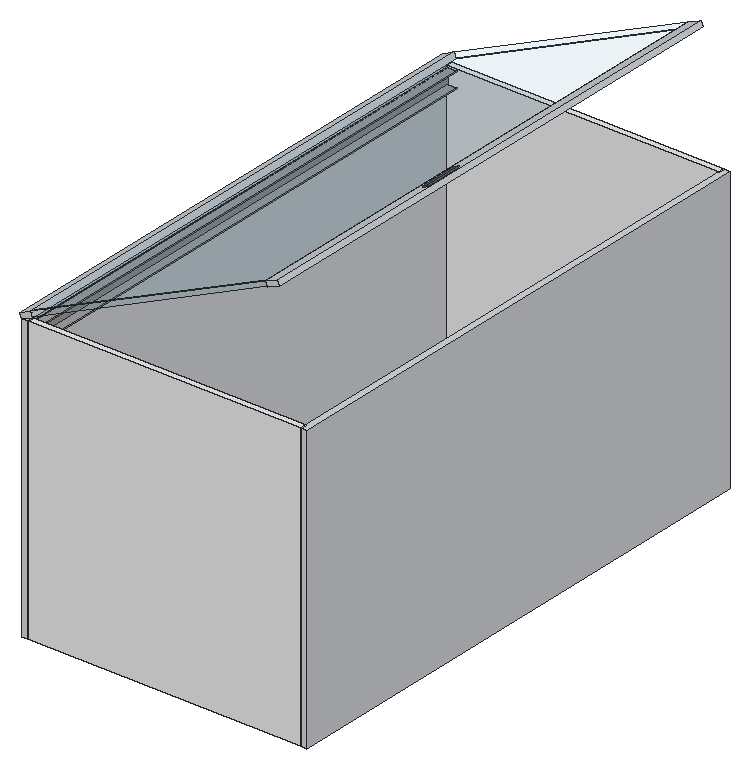
Revit family "Domotics-NetworkCabling-GEWISS-CABINETS_FLOOR-MOUNTED_19_30U_D800", category Apparecchi elettrici, host Superficie, Revit 2019
Family settings
  Host = Superficie
  Mantenere orientamento annotazione = Sì
  Quota connettore circolare = Usa diametro
  Tipo di parte = Normale
  Numero OmniClass = 23.80.30.00
  Titolo OmniClass = Distribution Devices
  Taglio con vuoti quando caricato = No
  Condiviso = No
  Punto di calcolo locali = Sì
Parameters (values of type "GW38462 - FLOOR RACK CABINET 19 30U 800x800MM")
  simbolo in pianta [instance] = yes
  n_poli = 1
  barra din = yes
  Visibilità sportello [instance] = yes
  Version file RFA = "21.2"
  URL = "https://www.gewiss.com/ww/en"
  Type of door = "Reversible"
  Technical sheet = "https://www.gewiss.com/ww/en/search?q=GW38462"
  Static load capacity = "1000KG"
  SEO = "Cabinet"
  Realized by GEWISS S.p.A. = ""
  Prospetto di default = 900 mm
  Produttore = "GEWISS S.p.A."
  Outer dim. LxHxD (mm) = "800x1485x800"
  Nome quadro [instance] = "n.quadro"
  No. uprights = "4"
  Modello = "GW38462"
  Material = "Steel"
  Immagine tipo = C.jpg
  IP degree = "IP20"
  IDT = "d3e492a5c7484f7ba5e98148cb818b21"
  IDF = "5334ff85-d398-4e23-b026-532fbccfd48f"
  Finishing = "Textured"
  Electrocod = "3752"
  Door opening = "135°"
  Distanza_x [instance] = 300 mm
  Distanza simbolo [instance] = 0 mm
  Distanza effettiva x [instance] = 1000 mm - Distanza_x  # 700 mm
  Descrizione = "FLOOR RACK CABINET 19 30U 800x800MM"
  Depth (mm) = "800 mm"
  Colour = "Grey (RAL 7035)"
  Category = "19” floor-standing cabinet"
  Catalogue = "DOMOTICS"
  Cabling unity = "30 U"
  COBie.Tagnumber = ""
  COBie.CreatedOn = ""
  COBie.CreatebBy = ""
  COBie.ComponentRegisterItemID = ""
  COBie.Component.TagNumber = ""
  COBie.Component.Space = ""
  COBie.Component.SerialNumber = ""
  COBie.Component.InstallationDate = ""
  COBie.Component.Description = ""
  COBie.Component.BarCode = ""
  Apertura [instance] = 25.00°
Reference planes
  plane 1 "Centro (Fronte/Retro)": y = 0
  plane 2: z = 0
  plane 3 "Centro (Sinistra/Destra)": x = 0
  plane 4: x = -1380.34
  plane 5: x = -680.34
Forms (mm)
  Extrusion 1, solid, detail levels coarse
    sketch origin (0, 0, 0) x (1, 0, 0) y (0, 1, 0)
      loop
        line (783.5, 0) -> (783.5, 1485) -> (-16.5, 1485) -> (-16.5, 0) -> (783.5, 0)
    from 0 to 600
Dimensions and locks
  plane 4 to plane 3 "Centro (Sinistra/Destra)" = 1380.34 mm
  "Distanza effettiva x": plane 4 to plane 5
  aligned and locked: host face to plane 2
  aligned and locked: host face to level
  aligned and locked: plane 1 "Centro (Fronte/Retro)" to nested 1
  aligned and locked: nested 2 to plane 5
  aligned and locked: Extrusion 1 sketch curve to nested 1  (x4)
  aligned and locked: plane 3 "Centro (Sinistra/Destra)" to nested 1
  aligned and locked: nested 1 to host face
Automatic sketch dimensions
  host sketch curve to host sketch curve = 3398.537 mm
  host sketch curve to host sketch curve = 3619.2 mm
Nested families
  nested 1: "DATACENTER ARMADIO PARETE 30U P800mm.rfa_BASE" at (-16.5, 0, 0), Apertura <- "Apertura", Sportello <- "Visibilità sportello", visible <- "Visibilità sportello", Barra din <- "barra din", Sportello visibile <- "Visibilità sportello", type "DATACENTER ARMADIO PARETE 30U P800mm.rfa_BASE", detail levels medium+fine
    with Sportello visibile yes, Sportello yes, Barra din yes, Apertura 25.00°
  nested 2: "DATACENTERsimbolo" at (-680.34, 911.19, 0), Distanza dal muro <- "Distanza simbolo", SIMBOLO ACCESO <- "simbolo in pianta", visible <- "simbolo in pianta", type "3P"
    with SIMBOLO ACCESO yes, Distanza dal muro 0 mm
Connectors
  electrical at (383.5, 742.5, 0), driven by "n_poli"
    settings: on nested 1, index 1, voltage 0 V, apparent load 0 VA, apparent load phase1 0 VA, apparent load phase2 0 VA, apparent load phase3 0 VA, power factor 1, load classification "Altro", number of poles 1, system type 31, power factor state 1, is connector primary yes, connector utility no, sub classification motor no, connector description ""
Definition of nested family "DATACENTER ARMADIO PARETE 30U P800mm.rfa_BASE"
  Parameters (values of type "DATACENTER ARMADIO PARETE 30U P800mm.rfa_BASE")
    Struttura = none
    Sportello_vetro = none
    Sportello visibile [instance] = yes
    Sportello lato = none
    Sportello [instance] = yes
    Profondità quadro = 800 mm  # constant formula
    L_quadro = 800 mm  # constant formula
    Barra din [instance] = yes
    Altezza quadro = 1485 mm  # constant formula
    Apertura [instance] = 32.00°
  Reference planes
    plane 1 "Centro (Fronte/Retro)": y = 0
    plane 2: z = 0
    plane 3 "Centro (Sinistra/Destra)": x = 0
    plane 4: x = 800
    plane 5: y = 1485
    plane 6: x = 16.5
    plane 7: y = 1468.5
    plane 8: y = 16.5
    plane 9: x = 783.5
    plane 10: z = 800
    plane 11: z = 16.5
    plane 12: x = 46.5
    plane 13: x = 18.5
    plane 14: z = 796
    plane 15: z = 751
    plane 16: z = 794
    plane 17: x = 20.5
    plane 18: z = 753
    plane 19: x = 44.5
    plane 20: z = 18.5
    plane 21: z = 63.5
    plane 22: z = 61.5
    plane 23: z = 20.5
  Forms (mm)
    Extrusion 1, solid, material <- "Struttura"
      sketch origin (0, 0, 0) x (1, 0, 0) y (0, 1, 0)
        loop
          line (16.5, 1468.5) -> (783.5, 1468.5) -> (783.5, 1485) -> (16.5, 1485) -> (16.5, 1468.5)
      from 0 to 800
    Extrusion 2, solid
      sketch origin (0, 0, 0) x (1, 0, 0) y (0, 1, 0)
        loop
          line (16.5, 1468.5) -> (16.5, 16.5) -> (783.5, 16.5) -> (783.5, 1468.5) -> (16.5, 1468.5)
      from 0 to 16.5
    Extrusion 3, solid
      sketch origin (458.466, 0, 1086.482) x (-0.848048, 0, -0.529919) y (0, -1, 0)
        loop
          line (-259.386, 0) -> (-259.386, -1485) -> (-220.759, -1485) -> (-220.759, 0) -> (-259.386, 0)
        loop
          line (540.614, -1485) -> (540.614, 0) -> (506.604, 0) -> (506.604, -1485) -> (540.614, -1485)
      from 0 to 15
    Extrusion 4, solid, material <- "Sportello_vetro", visible <- "Sportello visibile"
      sketch origin (458.466, 0, 1086.482) x (-0.848048, 0, -0.529919) y (0, -1, 0)
        loop
          line (506.604, 0) -> (-220.759, 0) -> (-220.759, -1485) -> (506.604, -1485) -> (506.604, 0)
      from 0 to 15
    Extrusion 5, solid
      sketch origin (0, 0, 0) x (1, 0, 0) y (0, 1, 0)
        loop
          line (0, 1485) -> (0, 0) -> (16.5, 0) -> (16.5, 1485) -> (0, 1485)
        loop
          line (800, 0) -> (800, 1485) -> (783.5, 1485) -> (783.5, 0) -> (800, 0)
      from 0 to 800
    Extrusion 6, solid, material <- "Struttura"
      sketch origin (0, 400, 0) x (1, 0, 0) y (0, 1, 0)
        loop
          line (16.5, -383.5) -> (16.5, -400) -> (783.5, -400) -> (783.5, -383.5) -> (16.5, -383.5)
      from 0 to 800
    Extrusion 7, solid
      sketch origin (458.466, 0, 1086.482) x (-0.848048, 0, -0.529919) y (0, -1, 0)
        loop
          line (-234.386, -647.5) -> (-234.386, -537.5) -> (-249.386, -537.5) -> (-249.386, -647.5) -> (-234.386, -647.5)
      from 2.698 to 17.686
    Extrusion 8, solid, visible <- "Barra din"
      sketch origin (0, 0, 0) x (1, 0, 0) y (0, 0, 1)
        loop
          line (46.5, 796) -> (18.5, 796) -> (18.5, 751) -> (46.5, 751) -> (46.5, 753) -> (20.5, 753) -> (20.5, 794) -> (46.5, 794) -> (46.5, 796)
      from -1468.5 to -16.5
    Extrusion 9, solid, visible <- "Barra din"
      sketch origin (0, 0, 600) x (1, 0, 0) y (0, 0, 1)
        loop
          line (46.5, -581.5) -> (46.5, -579.5) -> (20.5, -579.5) -> (20.5, -538.5) -> (46.5, -538.5) -> (46.5, -536.5) -> (18.5, -536.5) -> (18.5, -581.5) -> (46.5, -581.5)
      from -1468.5 to -16.5
  Lines and regions (mm)
    reference lines
      curve 1: line (458.466, 0, 1086.482) -> (0, 0, 800)
  Dimensions and locks
    "L_quadro": plane 3 "Centro (Sinistra/Destra)" to plane 4
    "Altezza quadro": plane 1 "Centro (Fronte/Retro)" to plane 5
    locked: plane 5 to plane 7 at 16.5
    locked: plane 9 to plane 4 at 16.5
    locked: plane 3 "Centro (Sinistra/Destra)" to plane 6 at 16.5
    locked: plane 1 "Centro (Fronte/Retro)" to plane 8 at 16.5
    "Profondità quadro": plane 10 to plane 2
    locked: plane 11 to level at 16.5
    locked: plane 6 to plane 12 at 30
    locked: Extrusion 3 sketch curve to Extrusion 3 sketch curve at 38.628
    locked: Extrusion 3 sketch curve to Extrusion 3 sketch curve at 34.009
    "L_quadro": Extrusion 3 sketch curve to Extrusion 3 sketch curve
    "Altezza quadro": Extrusion 3 sketch curve to Extrusion 3 sketch curve  (x2)
    "Altezza quadro": Extrusion 4 sketch curve to Extrusion 4 sketch curve
    Extrusion 7 sketch curve to Extrusion 7 sketch curve = 15 mm
    Extrusion 3 to Extrusion 3 = 1485 mm
    locked: plane 13 to plane 6 at 2
    locked: plane 10 to plane 14 at 4
    locked: plane 14 to plane 16 at 2
    locked: plane 18 to plane 15 at 2
    locked: plane 14 to plane 15 at 45
    locked: plane 23 to plane 20 at 2
    "Apertura": angle plane 10 to curve 1
    aligned and locked: level to plane 2
    aligned and locked: Extrusion 1 sketch curve to plane 7
    aligned and locked: Extrusion 1 sketch curve to plane 5
    aligned and locked: Extrusion 1 sketch curve to plane 6
    aligned and locked: plane 9 to Extrusion 1 sketch curve
    aligned and locked: plane 10 to Extrusion 1
    aligned and locked: Extrusion 2 sketch curve to plane 6
    aligned and locked: Extrusion 2 sketch curve to plane 7
    aligned and locked: Extrusion 2 sketch curve to plane 9
    aligned and locked: Extrusion 2 sketch curve to plane 8
    aligned and locked: plane 11 to Extrusion 2
    aligned and locked: curve 1 to Extrusion 1
    aligned and locked: plane 10 to curve 1
    aligned and locked: Extrusion 3 sketch curve to plane 5
    aligned and locked: Extrusion 3 sketch curve to plane 1 "Centro (Fronte/Retro)"
    aligned and locked: Extrusion 4 sketch curve to curve 1
    aligned and locked: Extrusion 4 sketch curve to Extrusion 3  (x2)
    aligned and locked: Extrusion 5 sketch curve to plane 3 "Centro (Sinistra/Destra)"
    aligned and locked: Extrusion 5 sketch curve to plane 6
    aligned and locked: Extrusion 5 sketch curve to plane 4
    aligned and locked: Extrusion 5 sketch curve to plane 9
    aligned and locked: Extrusion 5 sketch curve to plane 5
    aligned and locked: Extrusion 5 sketch curve to plane 1 "Centro (Fronte/Retro)"
    aligned and locked: plane 10 to Extrusion 5
    aligned and locked: plane 8 to Extrusion 6 sketch curve
    aligned and locked: plane 1 "Centro (Fronte/Retro)" to Extrusion 6 sketch curve
    aligned and locked: plane 9 to Extrusion 6 sketch curve
    aligned and locked: plane 6 to Extrusion 6 sketch curve
    aligned and locked: Extrusion 8 sketch curve to plane 14
    aligned and locked: Extrusion 8 sketch curve to plane 13
    aligned and locked: Extrusion 8 sketch curve to plane 15
    aligned and locked: Extrusion 8 sketch curve to plane 18
    aligned and locked: Extrusion 8 sketch curve to plane 17
    aligned and locked: Extrusion 8 sketch curve to plane 12
    aligned and locked: Extrusion 8 sketch curve to plane 16
    aligned and locked: Extrusion 8 to Extrusion 1
    aligned and locked: Extrusion 8 to Extrusion 6
    aligned and locked: plane 21 to Extrusion 9 sketch curve
    aligned and locked: plane 22 to Extrusion 9 sketch curve
    aligned and locked: plane 23 to Extrusion 9 sketch curve
    aligned and locked: plane 20 to Extrusion 9 sketch curve
    aligned and locked: plane 17 to Extrusion 9 sketch curve
    aligned and locked: plane 13 to Extrusion 9 sketch curve
    aligned and locked: Extrusion 2 to Extrusion 9
    aligned and locked: Extrusion 9 to Extrusion 1
    aligned and locked: Extrusion 6 to Extrusion 1
  Automatic sketch dimensions
    plane 1 "Centro (Fronte/Retro)" to Extrusion 5 sketch curve = 0 mm
    Extrusion 5 sketch curve to plane 5 = 0 mm
    Extrusion 8 sketch curve to plane 12 = 0 mm
    Extrusion 9 sketch curve to plane 12 = 0 mm  (x2)
    Extrusion 7 sketch curve to curve 1 = 249.386 mm
    Extrusion 7 sketch curve to Extrusion 7 sketch curve = 15 mm
    Extrusion 7 sketch curve to curve 1 = 647.5 mm
    Extrusion 7 sketch curve to Extrusion 7 sketch curve = 110 mm
    curve 1 to plane 3 "Centro (Sinistra/Destra)" = 0 mm
    Extrusion 3 sketch curve to curve 1 = 0 mm
Definition of nested family "DATACENTERsimbolo"
  Parameters (values of type "3P")
    SIMBOLO ACCESO [instance] = yes
    Distanza dal muro [instance] = 0 mm
  Reference planes
    plane 1: y = 0
    plane 2: x = 0
  Dimensions and locks
    "Distanza dal muro": plane 1 to nested 1
    aligned and locked: plane 2 to nested 1
  Nested families
    nested 1: "DATACENTERsimbolo.base" at (0, 0, 0), type "3P"
      with CORNICE SIMBOLO yes
  Definition of nested family "DATACENTERsimbolo.base"
    Parameters (values of type "3P")
      Testo = ""
      CORNICE SIMBOLO [instance] = yes
      3P = yes
    Reference planes
      plane 1: y = 0
      plane 2: x = 0
    Lines and regions (mm)
      detail lines
        curve 1: line (6.852, 3.426, 0) -> (8.859, 3.426, 0)
        curve 2: line (8.859, 3.426, 0) -> (8.859, 0, 0)
        curve 3: line (8.859, 0, 0) -> (6.852, 0, 0)
        curve 4: line (6.852, 0, 0) -> (0, 3.426, 0)
        curve 5: line (0, 3.426, 0) -> (3.027, 3.426, 0)
        curve 6: line (3.027, 3.426, 0) -> (6.852, 3.426, 0)
        curve 7: line (6.852, 3.426, 0) -> (6.852, 0, 0)
        curve 8: line (6.852, 0, 0) -> (0, 0, 0)
        curve 9: line (0, 0, 0) -> (0, 3.426, 0)
        curve 10: line (7.856, 1.713, 0) -> (7.856, 2.67, 0)
        curve 11: line (8.526, 0.756, 0) -> (8.526, 1.713, 0)
        curve 12: line (8.526, 1.713, 0) -> (7.185, 1.713, 0)
        curve 13: line (7.185, 1.713, 0) -> (7.185, 0.756, 0)
    Text (mm)
      label "RJ" at (7.87, 1.29, 0), shows "Testo"
    Nested families
      nested 1: "testo_simb" at (7.89, 1.134, 0), type "3P"
        with SIMBOLO ACCESO yes, Distanza dal muro 0 mm
      nested 2: "testo_simb" at (7.855, 0, 0), type "3P"
        with SIMBOLO ACCESO yes, Distanza dal muro 0 mm
      nested 3: "testo_simb" at (7.855, 0, 0), type "3P"
        with SIMBOLO ACCESO yes, Distanza dal muro 0 mm
      nested 4: "testo_simb" at (7.855, 0, 0), type "3P"
        with SIMBOLO ACCESO yes, Distanza dal muro 0 mm
      nested 5: "testo_simb" at (7.855, 0, 0), type "3P"
        with SIMBOLO ACCESO yes, Distanza dal muro 0 mm
    Definition of nested family "testo_simb"
      Parameters (values of type "3P")
        testo simb = ""
        SIMBOLO ACCESO [instance] = yes
        Distanza dal muro [instance] = 0 mm
      Reference planes
        plane 1: y = 0
        plane 2: x = 0
      Text (mm)
        label "RJ" at (0.02, 0.123, 0), shows "testo simb"
